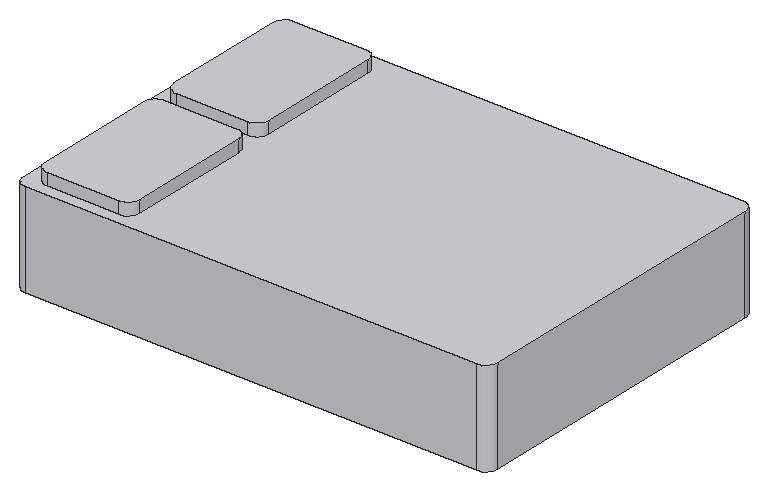
Revit family "Bed", category Furniture, Revit 2020
Family settings
  OmniClass Number = 23.40.20.00
  OmniClass Title = General Furniture and Specialties
  Work Plane-Based = Yes
  Always vertical = Yes
  Cut with Voids When Loaded = No
  Shared = No
  Room Calculation Point = No
Parameters (values of type "1400x2000mm")
  Single bed = no
  Pillow materiale = none
  Double bed = yes
  Distance from wall = 50 mm
  Default Elevation = 0 mm
  Creator Build [instance] = "2018.0420.0"  # constant formula
  Corner rounding = 50 mm
  Bed width = 1400 mm
  Bed materiale = none
  Bed length = 2000 mm
Types (5, lengths in mm): name | Single bed | Double bed | Bed width
  900x2000mm | yes | no | 900
  1600x2000mm | no | yes | 1600
  1800x2000mm | no | yes | 2000
  800x2000mm | yes | no | 800
  1400x2000mm | no | yes | 1400
Reference planes
  plane 1 "Center (Front/Back)": y = 0
  plane 2: z = 0
  plane 3 "Center (Left/Right)": x = 0
  plane 4: y = 700
  plane 5: y = -700
  plane 6 "Top bed": z = 400
  plane 7: x = 50
  plane 8 "Bed length": x = 2050
Forms (mm)
  Extrusion 1, solid, material <- "Bed materiale"
    sketch origin (0, 0, 0) x (1, 0, 0) y (0, 1, 0)
      loop
        arc (100, 700) -> (64.645, 685.355) -> (50, 650) r 50
        line (50, 650) -> (50, -650)
        arc (50, -650) -> (64.645, -685.355) -> (100, -700) r 50
        line (100, -700) -> (2000, -700)
        arc (2000, -700) -> (2035.355, -685.355) -> (2050, -650) r 50
        line (2050, -650) -> (2050, 650)
        arc (2050, 650) -> (2035.355, 685.355) -> (2000, 700) r 50
        line (2000, 700) -> (100, 700)
    from 0 to 400
  Extrusion 2, solid, material <- "Pillow materiale", visible <- "Double bed"
    sketch origin (0, 0, 400) x (-1, 0, 0) y (0, -1, 0)
      loop
        line (-150, 650) -> (-450, 650)
        arc (-450, 650) -> (-485.355, 635.355) -> (-500, 600) r 50
        line (-500, 600) -> (-500, 80)
        arc (-500, 80) -> (-485.355, 44.645) -> (-450, 30) r 50
        line (-450, 30) -> (-150, 30)
        arc (-150, 30) -> (-114.645, 44.645) -> (-100, 80) r 50
        line (-100, 80) -> (-100, 600)
        arc (-100, 600) -> (-114.645, 635.355) -> (-150, 650) r 50
      loop
        arc (-150, -650) -> (-114.645, -635.355) -> (-100, -600) r 50
        line (-100, -600) -> (-100, -80)
        arc (-100, -80) -> (-114.645, -44.645) -> (-150, -30) r 50
        line (-150, -30) -> (-450, -30)
        arc (-450, -30) -> (-485.355, -44.645) -> (-500, -80) r 50
        line (-500, -80) -> (-500, -600)
        arc (-500, -600) -> (-485.355, -635.355) -> (-450, -650) r 50
        line (-450, -650) -> (-150, -650)
    from 0 to 50
  Extrusion 3, solid, material <- "Pillow materiale", visible <- "Single bed"
    sketch origin (0, 0, 400) x (-1, 0, 0) y (0, -1, 0)
      loop
        line (-150, 650) -> (-450, 650)
        arc (-450, 650) -> (-485.355, 635.355) -> (-500, 600) r 50
        line (-500, 600) -> (-500, -600)
        arc (-500, -600) -> (-485.355, -635.355) -> (-450, -650) r 50
        line (-450, -650) -> (-150, -650)
        arc (-150, -650) -> (-114.645, -635.355) -> (-100, -600) r 50
        line (-100, -600) -> (-100, 600)
        arc (-100, 600) -> (-114.645, 635.355) -> (-150, 650) r 50
    from 0 to 50
Dimensions and locks
  "Distance from wall": plane 3 "Center (Left/Right)" to Extrusion 1 sketch curve
  equal spacing: plane 4, plane 1 "Center (Front/Back)", plane 5
  "Bed width": plane 4 to plane 5
  "Corner rounding": plane 5 to Extrusion 2 sketch curve
  "Corner rounding": Extrusion 1 to Extrusion 2 sketch curve  (x2)
  "Corner rounding": plane 4 to Extrusion 2 sketch curve
  locked: Extrusion 3 sketch curve to Extrusion 3 sketch curve at 400
  "Corner rounding": Extrusion 1 to Extrusion 3 sketch curve
  "Corner rounding": plane 4 to Extrusion 3 sketch curve
  "Corner rounding": plane 5 to Extrusion 3 sketch curve
  locked: Extrusion 2 sketch curve to Extrusion 2 sketch curve at 400  (x2)
  equal spacing: Extrusion 2 sketch curve, plane 1 "Center (Front/Back)", Extrusion 2 sketch curve
  "Distance from wall": plane 3 "Center (Left/Right)" to plane 7
  "Bed length": plane 7 to plane 8 "Bed length"
  "Corner rounding": radius of Extrusion 1 sketch curve  (x4)
  "Corner rounding": radius of Extrusion 2 sketch curve  (x8)
  "Corner rounding": radius of Extrusion 3 sketch curve  (x4)
  aligned and locked: level to plane 2
  aligned and locked: Extrusion 1 sketch curve to plane 4
  aligned and locked: Extrusion 1 sketch curve to plane 5
  aligned and locked: plane 6 "Top bed" to Extrusion 1
  aligned and locked: plane 8 "Bed length" to Extrusion 1
Automatic sketch dimensions
  Extrusion 1 sketch curve to plane 8 "Bed length" = 0 mm
  Extrusion 2 sketch curve to plane 1 "Center (Front/Back)" = 80 mm
